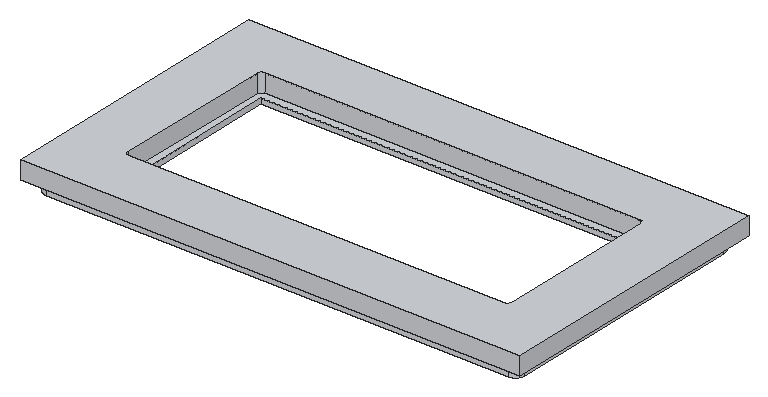
Revit family "Gira_0212220", category Electrical Fixtures, host Face, Revit 2017
Family settings
  Host = Face
  Maintain Annotation Orientation = No
  Round Connector Dimension = Use Diameter
  Part Type = Normal
  Cut with Voids When Loaded = No
  Shared = No
  Room Calculation Point = No
Parameters (values of type "Abdeckrahmen 2f o.M. Gira Esprit Lin.Mpx.Hellgrau")
  Werkstoffgüte = "sonstige"
  Werkstoff = "sonstige"
  URL = "http://katalog.gira.de/de_DE/datenblatt.html?artikelnr=1002220"
  Transparent = "No"
  Textfeld/Beschriftungsfläche = "No"
  Schutzart (IP) = "IP20"
  Region = "DE"
  Oberfläche = "sonstige"
  Name = "Abdeckrahmen 2f o.M. Gira Esprit Lin.Mpx.Hellgrau"
  Montagerichtung = "horizontal und vertikal"
  Mit Montagerahmen = "No"
  Mit Klappdeckel = "No"
  Manufacturer URL = "https://www.gira.de/"
  Keynote = "Espr._Rahmen_2fach o.Mittelsteg"
  HeinzeBIM = "https://bimportal.heinze.de/bim/abdeckrahmen-2f-o-m-gira-esprit-lin-mpx-hellgrau/4f4dbe396867dc5adea19272ba1c2c2fc483d05c"
  Halogenfrei = "No"
  HAN = "1002220"
  Geeignet für Unterputz-Installation = "Yes"
  Geeignet für Unterflurkanaldose = "No"
  Geeignet für Geräteeinbaukanal = "No"
  Geeignet für Einbauinstallation = "No"
  GTIN = "4010337015864"
  Farbe = "sonstige"
  Default Elevation = 1219.2 mm
  Data sheet (1) = "https://katalog.gira.de/de_DE/download.html?artikelnr=1002220"
  Category = "Abdeckrahmen"
  Befestigungsart = "Klemmbefestigung"
  Available = "Yes"
  Anzahl der Einheiten vertikal = "2 "
  Anzahl der Einheiten horizontal = "2 "
  Anzahl der Einheiten = "2 "
Reference planes
  plane 1 "Center (Front/Back)": y = 0
  plane 2: z = 0
  plane 3 "Center (Left/Right)": x = 0
Forms (mm)
  Extrusion 1, solid, detail levels fine
    sketch origin (0, 0, 0) x (1, 0, 0) y (0, 1, 0)
      loop
        line (-83, 47.5) -> (-83, -47.5) -> (83, -47.5) -> (83, 47.5) -> (-83, 47.5)
      loop
        arc (-63.75, -26.7) -> (-63.311, -27.761) -> (-62.25, -28.2) r 1.5
        line (-62.25, -28.2) -> (62.25, -28.2)
        arc (62.25, -28.2) -> (63.311, -27.761) -> (63.75, -26.7) r 1.5
        line (63.75, -26.7) -> (63.75, 26.7)
        arc (63.75, 26.7) -> (63.311, 27.761) -> (62.25, 28.2) r 1.5
        line (62.25, 28.2) -> (-62.25, 28.2)
        arc (-62.25, 28.2) -> (-63.311, 27.761) -> (-63.75, 26.7) r 1.5
        line (-63.75, 26.7) -> (-63.75, -26.7)
    from 0 to 6
  Extrusion 2, solid, detail levels fine
    sketch origin (0, 0, 0) x (1, 0, 0) y (0, 1, 0)
      loop
        line (-61.518, -25.7) -> (61.45, -25.7) -> (61.45, 25.7) -> (-61.518, 25.7) -> (-61.518, -25.7)
      loop
        arc (-78.55, -41.3) -> (-78.023, -42.573) -> (-76.75, -43.1) r 1.8
        line (-76.75, -43.1) -> (77.95, -43.1)
        arc (77.95, -43.1) -> (79.223, -42.573) -> (79.75, -41.3) r 1.8
        line (79.75, -41.3) -> (79.75, 41.3)
        arc (79.75, 41.3) -> (79.223, 42.573) -> (77.95, 43.1) r 1.8
        line (77.95, 43.1) -> (-76.75, 43.1)
        arc (-76.75, 43.1) -> (-78.023, 42.573) -> (-78.55, 41.3) r 1.8
        line (-78.55, 41.3) -> (-78.55, -41.3)
    from -1.9 to 0
  Extrusion 3, solid, detail levels fine
    sketch origin (0, 0, 0) x (1, 0, 0) y (0, 1, 0)
      loop
        arc (-76.75, 44.4) -> (-78.871, 43.521) -> (-79.75, 41.4) r 3
        line (-79.75, 41.4) -> (-79.75, -41.4)
        arc (-79.75, -41.4) -> (-78.871, -43.521) -> (-76.75, -44.4) r 3
        line (-76.75, -44.4) -> (76.75, -44.4)
        arc (76.75, -44.4) -> (78.871, -43.521) -> (79.75, -41.4) r 3
        line (79.75, -41.4) -> (79.75, 41.4)
        arc (79.75, 41.4) -> (78.871, 43.521) -> (76.75, 44.4) r 3
        line (76.75, 44.4) -> (-76.75, 44.4)
      loop
        arc (-78.55, -41.4) -> (-78.023, -42.673) -> (-76.75, -43.2) r 1.8
        line (-76.75, -43.2) -> (76.75, -43.2)
        arc (76.75, -43.2) -> (78.023, -42.673) -> (78.55, -41.4) r 1.8
        line (78.55, -41.4) -> (78.55, 41.4)
        arc (78.55, 41.4) -> (78.023, 42.673) -> (76.75, 43.2) r 1.8
        line (76.75, 43.2) -> (-76.75, 43.2)
        arc (-76.75, 43.2) -> (-78.023, 42.673) -> (-78.55, 41.4) r 1.8
        line (-78.55, 41.4) -> (-78.55, -41.4)
    from -3.7 to 0
  Extrusion 4, solid, detail levels medium
    sketch origin (0, 0, 0) x (1, 0, 0) y (0, 1, 0)
      loop
        line (-83, 47.5) -> (-83, -47.5) -> (83, -47.5) -> (83, 47.5) -> (-83, 47.5)
    from 0 to 6
  Extrusion 5, solid, detail levels medium
    sketch origin (0, 0, 0) x (1, 0, 0) y (0, 1, 0)
      loop
        line (-79.75, 44.4) -> (-79.75, -44.4) -> (79.75, -44.4) -> (79.75, 44.4) -> (-79.75, 44.4)
    from -3.7 to 0
  Extrusion 6, solid, detail levels coarse
    sketch origin (0, 0, 0) x (1, 0, 0) y (0, 1, 0)
      loop
        line (-83, 47.5) -> (-83, -47.5) -> (83, -47.5) -> (83, 47.5) -> (-83, 47.5)
    from -3.7 to 6
Dimensions and locks
  aligned and locked: plane 2 to host face
  aligned and locked: level to host face
